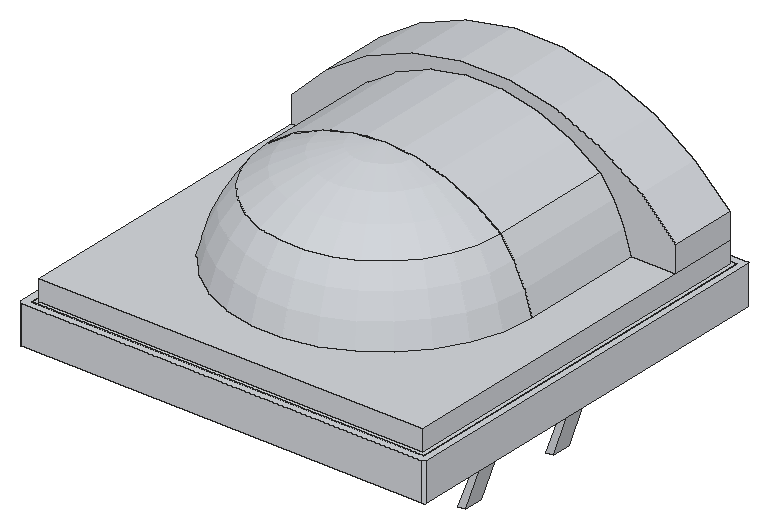
Revit family "Gira_537603", category Electrical Fixtures, host Face, Revit 2017
Family settings
  Host = Face
  Maintain Annotation Orientation = Yes
  Round Connector Dimension = Use Diameter
  Part Type = Normal
  Cut with Voids When Loaded = No
  Shared = No
  Room Calculation Point = No
Parameters (values of type "S3000 motion detec.top 2.20 m Komfort BT System 55 p.white")
  URL = "http://katalog.gira.de/en/datenblatt.html?artikelnr=537603"
  Name = "S3000 motion detec.top 2.20 m Komfort BT System 55 p.white"
  Model = "Movement sensor"
  Manufacturer URL = "https://www.gira.de/"
  Manufacturer = "Gira"
  Keynote = ""
  HeinzeBIM = "https://bimportal.heinze.de/bim/s3000-motion-detec-top-2-20-m-komfort-bt-system-55-p-white/60cd0a7a810f34bdc657bb7dee7b072b007635ba"
  HAN = "537603"
  GTIN = "4010337050537"
  Description = "S3000 mot.det.top 2.20m Kmf BT Sys55 PW,System 3000 motion detector top unit 2.20 m Komfort BT,System 55,pure white glossy,Features:,- Automatic switching of lighting, depending on the movement of heat and ambient brightness.,- Operation with System 3000 switching or dimming insert or 3-wire auxiliary insert.,- Expansion of the detection range in combination with the 3-wire auxiliary insert.,- When connecting a System 3000 auxiliary insert with an operating top unit or mechanical button to the main unit, the lighting can be switched on or dimmed for the duration of the delay time.,- Device facilitates manual switchover between automatic, always-on and always-off.,With System 3000 switching insert:,- Short-term operation.,With System 3000 dimming insert:,- Switch on with the last brightness set, or a saved switch-on brightness.,- The switch-on brightness can only be saved permanently via the System 3000 auxiliary insert with operating top unit.,Functions with the Gira Bluetooth app:,- Set the brightness threshold.,- Individually adjustable sensitivity of the two sensors (0, 25, 50, 75, 100 %).,- Set the delay time.,- Override functions: Automatic mode, permanently on off, time-limited on off for 0.5 to 5 hours.,- Occupied-home simulation.,- Switch-off pre-warning.,- Day mode.,- Walking test.,- Switch on with the last brightness set, or a saved switch-on brightness in combination with a dimming insert."
  Default Elevation = 1219.2 mm
  Data sheet (1) = "https://katalog.gira.de/en/download.html?artikelnr=537603"
  Category = "Sensor element for movement sensor"
  BIM (1) = "https://media.stage.bim.site/public/gira/36a6b08/Bewegungsmelder_2,20m.rfa"
  Available = "No"
Reference planes
  plane 1 "Center (Front/Back)": y = 0
  plane 2: z = 0
  plane 3 "Center (Left/Right)": x = 0
Forms (mm)
  Extrusion 1, solid, detail levels fine
    sketch origin (0, 0, 0) x (1, 0, 0) y (0, 0, 1)
      loop
        line (-33.25, 14.602) -> (-33.25, 10.1) -> (33.25, 10.1) -> (33.25, 14.602)
        arc (33.25, 14.602) -> (0, 30.256) -> (-33.25, 14.602) r 43.139
    from -33.25 to -21.609
  Extrusion 2, solid, detail levels fine
    sketch origin (0, 0, 0) x (1, 0, 0) y (0, 1, 0)
      loop
        line (-33.25, 33.25) -> (-33.25, -33.25) -> (33.25, -33.25) -> (33.25, 33.25) -> (-33.25, 33.25)
    from 6.6 to 10.1
  Extrusion 3, solid, detail levels fine
    sketch origin (0, 0, 0) x (1, 0, 0) y (0, 0, 1)
      loop
        arc (20.138, 21.225) -> (0, 28.457) -> (-20.138, 21.225) r 31.652
        arc (-20.138, 21.225) -> (-23.48, 15.984) -> (-25.486, 10.1) r 26.053
        line (-25.486, 10.1) -> (25.486, 10.1)
        arc (25.486, 10.1) -> (23.48, 15.984) -> (20.138, 21.225) r 26.053
    from -21.609 to 0
  Revolve 4, solid, detail levels fine
    sketch origin (0, 0, 0) x (1, 0, 0) y (0, 0, 1)
      loop
        arc (0, 28.457) -> (-10.699, 26.594) -> (-20.138, 21.225) r 31.652
        arc (-20.138, 21.225) -> (-23.48, 15.984) -> (-25.486, 10.1) r 26.053
        line (-25.486, 10.1) -> (0, 10.1) -> (0, 28.457)
      axis (0, 28.457) -> (0, 10.1)
    angle from -180 to 0
  Extrusion 5, solid, detail levels fine
    sketch origin (0, 0, 0) x (1, 0, 0) y (0, 1, 0)
      loop
        spline (-34.7, 35.2) -> (-34.765, 35.196) -> (-34.829, 35.183) -> (-34.891, 35.162) -> (-34.95, 35.133) -> (-35.004, 35.097) -> (-35.054, 35.054) -> (-35.097, 35.004) -> (-35.133, 34.95) -> (-35.162, 34.891) -> (-35.183, 34.829) -> (-35.196, 34.765) -> (-35.2, 34.7)
        line (-35.2, 34.7) -> (-35.2, -34.7)
        spline (-35.2, -34.7) -> (-35.196, -34.765) -> (-35.183, -34.829) -> (-35.162, -34.891) -> (-35.133, -34.95) -> (-35.097, -35.004) -> (-35.054, -35.054) -> (-35.004, -35.097) -> (-34.95, -35.133) -> (-34.891, -35.162) -> (-34.829, -35.183) -> (-34.765, -35.196) -> (-34.7, -35.2)
        line (-34.7, -35.2) -> (34.7, -35.2)
        spline (34.7, -35.2) -> (34.765, -35.196) -> (34.829, -35.183) -> (34.891, -35.162) -> (34.95, -35.133) -> (35.004, -35.097) -> (35.054, -35.054) -> (35.097, -35.004) -> (35.133, -34.95) -> (35.162, -34.891) -> (35.183, -34.829) -> (35.196, -34.765) -> (35.2, -34.7)
        line (35.2, -34.7) -> (35.2, 34.7)
        spline (35.2, 34.7) -> (35.196, 34.765) -> (35.183, 34.829) -> (35.162, 34.891) -> (35.133, 34.95) -> (35.097, 35.004) -> (35.054, 35.054) -> (35.004, 35.097) -> (34.95, 35.133) -> (34.891, 35.162) -> (34.829, 35.183) -> (34.765, 35.196) -> (34.7, 35.2)
        line (34.7, 35.2) -> (-34.7, 35.2)
      loop
        line (-33.986, 33.986) -> (-33.986, -33.986) -> (33.986, -33.986) -> (33.986, 33.986) -> (-33.986, 33.986)
    from 0 to 6.6
  Extrusion 6, solid, detail levels fine
    sketch origin (0, 0, 0) x (1, 0, 0) y (0, 1, 0)
      loop
        line (-33.986, 33.986) -> (-33.986, -33.986) -> (33.986, -33.986) -> (33.986, 33.986) -> (-33.986, 33.986)
    from 5 to 6.6
  Extrusion 7, solid
    sketch origin (0, 0, 0) x (1, 0, 0) y (0, 1, 0)
      loop
        line (-23.656, 22.752) -> (-23.656, -22.748)
        arc (-23.656, -22.748) -> (-23.409, -23.369) -> (-22.801, -23.65) r 0.904
        line (-22.801, -23.65) -> (22.796, -23.65)
        arc (22.796, -23.65) -> (23.404, -23.369) -> (23.656, -22.748) r 0.904
        line (23.656, -22.748) -> (23.652, 22.752)
        arc (23.652, 22.752) -> (23.404, 23.374) -> (22.796, 23.655) r 0.904
        line (22.796, 23.655) -> (-22.801, 23.655)
        arc (-22.801, 23.655) -> (-23.409, 23.374) -> (-23.656, 22.752) r 0.904
    from -3.2 to 5
  Extrusion 8, solid, detail levels fine
    sketch origin (0, 0, 0) x (1, 0, 0) y (0, 1, 0)
      loop
        line (-27.334, -25) -> (-26.366, -25) -> (-26.366, 26.298) -> (26.366, 26.298) -> (26.366, -25) -> (27.334, -25) -> (27.334, 27.402) -> (-27.334, 27.402) -> (-27.334, -25)
    from -1.1 to 5
  Extrusion 9, solid, detail levels fine
    sketch origin (0, 0, 0) x (1, 0, 0) y (0, 1, 0)
      loop
        line (-5.141, 20.682) -> (-5.141, 15.098)
        spline (-5.141, 15.098) -> (-5.133, 14.968) -> (-5.107, 14.84) -> (-5.065, 14.716) -> (-5.007, 14.599) -> (-4.935, 14.49) -> (-4.849, 14.391) -> (-4.75, 14.305) -> (-4.641, 14.233) -> (-4.524, 14.175) -> (-4.4, 14.133) -> (-4.272, 14.107) -> (-4.142, 14.099)
        line (-4.142, 14.099) -> (4.142, 14.099)
        spline (4.142, 14.099) -> (4.272, 14.107) -> (4.4, 14.133) -> (4.524, 14.175) -> (4.641, 14.233) -> (4.75, 14.305) -> (4.849, 14.391) -> (4.935, 14.49) -> (5.007, 14.599) -> (5.065, 14.716) -> (5.107, 14.84) -> (5.133, 14.968) -> (5.141, 15.098)
        line (5.141, 15.098) -> (5.141, 20.682)
        spline (5.141, 20.682) -> (5.133, 20.812) -> (5.107, 20.94) -> (5.065, 21.064) -> (5.007, 21.181) -> (4.935, 21.29) -> (4.849, 21.389) -> (4.75, 21.475) -> (4.641, 21.547) -> (4.524, 21.605) -> (4.4, 21.647) -> (4.272, 21.673) -> (4.142, 21.681)
        line (4.142, 21.681) -> (-4.142, 21.681)
        spline (-4.142, 21.681) -> (-4.272, 21.673) -> (-4.4, 21.647) -> (-4.524, 21.605) -> (-4.641, 21.547) -> (-4.75, 21.475) -> (-4.849, 21.389) -> (-4.935, 21.29) -> (-5.007, 21.181) -> (-5.065, 21.064) -> (-5.107, 20.94) -> (-5.133, 20.812) -> (-5.141, 20.682)
    from -19.6 to -3.2
  Extrusion 10, solid, detail levels fine
    sketch origin (0, 0, 0) x (1, 0, 0) y (0, 0, 1)
      loop
        line (-24.966, -3.825) -> (-25.395, -8.726) -> (-23.048, -15.543) -> (-21.665, -15.713) -> (-24.338, -8.563) -> (-23.422, -1.1) -> (-25.014, -1.1) -> (-24.966, -3.825)
      loop
        line (24.966, -3.825) -> (25.014, -1.1) -> (23.422, -1.1) -> (24.338, -8.563) -> (21.665, -15.713) -> (23.048, -15.543) -> (25.395, -8.726) -> (24.966, -3.825)
    from -11.1 to -7.9
  Extrusion 11, solid, detail levels fine
    sketch origin (0, 0, 0) x (1, 0, 0) y (0, 0, -1)
      loop
        line (-24.966, 3.825) -> (-25.014, 1.1) -> (-23.422, 1.1) -> (-24.338, 8.563) -> (-21.665, 15.713) -> (-23.048, 15.543) -> (-25.395, 8.726) -> (-24.966, 3.825)
      loop
        line (24.966, 3.825) -> (25.395, 8.726) -> (23.048, 15.543) -> (21.665, 15.713) -> (24.338, 8.563) -> (23.422, 1.1) -> (25.014, 1.1) -> (24.966, 3.825)
    from -11.1 to -7.9
  Extrusion 12, solid
    sketch origin (0, 0, 0) x (1, 0, 0) y (0, 1, 0)
      loop
        line (-23.656, 22.752) -> (-23.656, -22.748)
        arc (-23.656, -22.748) -> (-23.409, -23.369) -> (-22.801, -23.65) r 0.904
        line (-22.801, -23.65) -> (22.796, -23.65)
        arc (22.796, -23.65) -> (23.404, -23.369) -> (23.656, -22.748) r 0.904
        line (23.656, -22.748) -> (23.652, 22.752)
        arc (23.652, 22.752) -> (23.404, 23.374) -> (22.796, 23.655) r 0.904
        line (22.796, 23.655) -> (-22.801, 23.655)
        arc (-22.801, 23.655) -> (-23.409, 23.374) -> (-23.656, 22.752) r 0.904
    from -3.2 to 5
  Extrusion 13, solid, detail levels medium
    sketch origin (0, 0, 0) x (1, 0, 0) y (0, 1, 0)
      loop
        line (-35.2, 35.2) -> (-35.2, -35.2) -> (35.2, -35.2) -> (35.2, 35.2) -> (-35.2, 35.2)
    from 0 to 6.6
  Extrusion 14, solid, detail levels medium
    sketch origin (0, 0, 0) x (1, 0, 0) y (0, 1, 0)
      loop
        line (-33.25, 33.25) -> (-33.25, -33.25) -> (33.25, -33.25) -> (33.25, 33.25) -> (-33.25, 33.25)
    from 6.6 to 30.256
  Extrusion 15, solid, detail levels medium
    sketch origin (0, 0, 0) x (1, 0, 0) y (0, 1, 0)
      loop
        line (-23.656, 23.655) -> (-23.656, -23.65) -> (23.656, -23.65) -> (23.656, 23.655) -> (-23.656, 23.655)
    from -3.2 to 5
  Extrusion 16, solid, detail levels medium
    sketch origin (0, 0, 0) x (1, 0, 0) y (0, 0, 1)
      loop
        line (-25.014, -1.1) -> (-25.014, -15.713) -> (-21.665, -15.713) -> (-21.665, -1.1) -> (-25.014, -1.1)
      loop
        line (25.014, -1.1) -> (21.665, -1.1) -> (21.665, -15.713) -> (25.014, -15.713) -> (25.014, -1.1)
    from -11.1 to -7.9
  Extrusion 17, solid, detail levels medium
    sketch origin (0, 0, 0) x (1, 0, 0) y (0, 0, -1)
      loop
        line (-25.014, 1.1) -> (-21.665, 1.1) -> (-21.665, 15.713) -> (-25.014, 15.713) -> (-25.014, 1.1)
      loop
        line (25.014, 1.1) -> (25.014, 15.713) -> (21.665, 15.713) -> (21.665, 1.1) -> (25.014, 1.1)
    from -11.1 to -7.9
  Extrusion 18, solid, detail levels medium
    sketch origin (0, 0, 0) x (1, 0, 0) y (0, 1, 0)
      loop
        line (-5.141, 14.099) -> (5.141, 14.099) -> (5.141, 21.681) -> (-5.141, 21.681) -> (-5.141, 14.099)
    from -19.6 to -3.2
  Extrusion 19, solid, detail levels coarse
    sketch origin (0, 0, 0) x (1, 0, 0) y (0, 1, 0)
      loop
        line (-35.2, 35.2) -> (-35.2, -35.2) -> (35.2, -35.2) -> (35.2, 35.2) -> (-35.2, 35.2)
    from -19.6 to 30.256
Dimensions and locks
  aligned and locked: plane 2 to host face
  aligned and locked: level to host face
  aligned and locked: nested 1 to plane 3 "Center (Left/Right)"
  aligned and locked: plane 1 "Center (Front/Back)" to nested 1
Nested families
  nested 1: "Belegungssensor - Bewegung - Aufputz - Beschriftung" at (0, 0, 0) x (0, -1, 0) z (0, 0, 1), type "Belegungssensor - Bewegung - Aufputz - Beschriftung"
Connectors
  electrical at (0, 0, -19.6)
    settings: on Extrusion 19, index 1, voltage 220 V, apparent load 0 VA, apparent load phase1 0 VA, apparent load phase2 0 VA, apparent load phase3 0 VA, power factor 1, load classification "Other", number of poles 1, system type 30, power factor state 1, is connector primary yes, connector utility no, sub classification motor no, connector description ""
Definition of nested family "Belegungssensor - Bewegung - Aufputz - Beschriftung"
  Reference planes
    plane 1: y = 0
    plane 2: x = 0
  Lines and regions (mm)
    Filled region 1, type "Gefüllter Bereich 1"
      outline origin (143.425, -20.712, 0) x (1, 0, 0) y (0, 1, 0)
        loop
          line (-148.697, 21.204) -> (-148.697, 20.409) -> (-147.583, 20.807) -> (-148.697, 21.204)
    Filled region 2, type "Gefüllter Bereich 1"
      outline origin (141.808, 30.001, 0) x (0.939693, 0.34202, 0) y (-0.34202, 0.939693, 0)
        loop
          line (-148.694, 21.203) -> (-148.694, 20.41) -> (-147.583, 20.807) -> (-148.694, 21.203)
    Filled region 3, type "Gefüllter Bereich 1"
      outline origin (141.819, -29.825, 0) x (-0.34202, -0.939693, 0) y (0.939693, -0.34202, 0)
        loop
          line (21.204, -148.697) -> (20.807, -147.583) -> (20.409, -148.697) -> (21.204, -148.697)
    detail lines
      curve 1: line (-1.207, 0.095, 0) -> (-3.486, 1.411, 0)
      curve 2: line (-1.207, 0.095, 0) -> (-3.486, -1.221, 0)
      curve 5: arc (-3.252, 1.752, 0) -> (-3.839, 0.095, 0) -> (-3.252, -1.562, 0) r 2.632
      curve 6: line (-6, 3, 0) -> (0, 3, 0)
      curve 7: line (-6, -3, 0) -> (-6, 3, 0)
      curve 8: line (0, -3, 0) -> (-6, -3, 0)
      curve 9: line (0, 3, 0) -> (0, -3, 0)
    reference lines
      curve 3: line (-1.207, 0.095, 0) -> (-3.616, 2.046, 0)
      curve 4: line (-1.207, 0.095, 0) -> (-3.616, -1.856, 0)
  Dimensions and locks
    curve 1 to curve 1 = 2.632 mm
    curve 2 to curve 2 = 2.632 mm
    curve 6 to curve 8 = 6 mm
    curve 7 to curve 9 = 6 mm
    angle curve 1 to curve 2 = 60.00°
    aligned and locked: curve 6 to curve 7
    aligned and locked: curve 9 to curve 9
